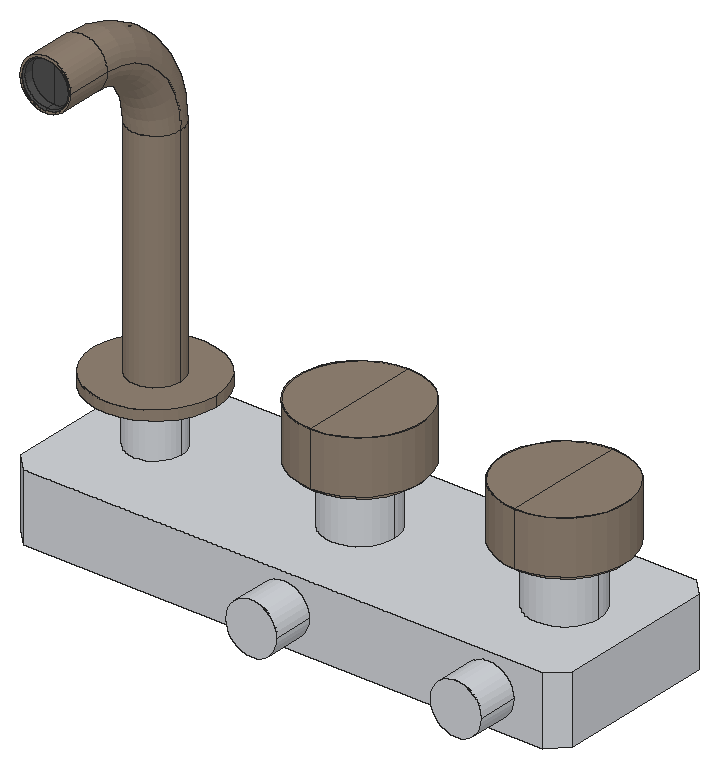
Revit family "Reece_Tap_Milli_Pure_Basin Tap Hostess System_160 mm", category Plumbing Fixtures, host Face, Revit 2018
Family settings
  Host = Face
  Round Connector Dimension = Use Diameter
  Part Type = Normal
  Cut with Voids When Loaded = No
  Shared = Yes
  Room Calculation Point = Yes
Parameters (values of type "PVD Brushed Bronze")
  WFU = 0  # constant formula
  URL = "https://www.reece.com.au/product/-9511081"
  Type Comments = "Tap"
  Reece_Tap_Reach = 160 mm  # constant formula
  Reece_Tap_Inlet = 15 mm  # constant formula
  Reece_Product_Web Page = "https://www.reece.com.au/product/-9511081"
  Reece_Product_Type = "Tap"  # constant formula
  Reece_Product_Sub Brand = "Pure"  # constant formula
  Reece_Product_Number = "9511081"
  Reece_Product_Mount = "Wall Mounted"
  Reece_Product_Description = "Milli Pure Wall Basin Hostess System 160mm PVD Brushed Bronze (3 Star)"
  Reece_Product_Brand = "Milli"  # constant formula
  Reece_Overall_Length = 172.5 mm  # constant formula
  Reece_Material_Main = Reece_PVD_Brushed Bronze
  Reece_Detail_Tap_Handle Texture = ""
  Reece_Detail_Installation = ""
  Reece_Detail_Disclaimer = "THIS FILE IS THE PROPERTY OF THE REECE GROUP. IT MAY NOT BE REPRODUCED, REVERSE-ENGINEERED OR MODIFIED. ANY REPUBLICATION, TRANSMISSION OR DISTRIBUTION FOR THE PURPOSE OF COMMERCIALLY EXPLOITING THE FILES IS PROHIBITED."  # constant formula
  Reece_Detail_Connector = ""
  Reece_Detail_Additional = "Basin Tap Hostess System\r\n"  # constant formula
  Model = "Pure"
  Manufacturer = "Milli"
  Keynote = "Product #9511081, Reece_Tap_Milli_Pure_Basin Tap Hostess System_160 mm - PVD Brushed Bronze"
  HWFU = 0  # constant formula
  Disclaimer = "THIS FILE IS THE PROPERTY OF THE REECE GROUP. IT MAY NOT BE REPRODUCED, REVERSE-ENGINEERED OR MODIFIED. ANY REPUBLICATION, TRANSMISSION OR DISTRIBUTION FOR THE PURPOSE OF COMMERCIALLY EXPLOITING THE FILES IS PROHIBITED."  # constant formula
  Description = "Milli Pure Wall Basin Hostess System 160mm PVD Brushed Bronze (3 Star)"
  Default Elevation = 1000 mm
  CWFU = 0  # constant formula
Types (5, lengths in mm): name | URL | Reece_Product_Web Page | Reece_Product_Number | Reece_Product_Description | Reece_Material_Main | Keynote | Description
  Brushed Gunmetal | "https://www.reece.com.au/product/-2281296" | "https://www.reece.com.au/product/-2281296" | "2281296" | "Milli Pure Wall Basin Hostess System 160mm Right Hand Brushed Gunmetal (3 Star)" | Reece_Brass_Brushed Gunmetal | "Product #2281296, Reece_Tap_Milli_Pure_Basin Tap Hostess System_160 mm - Brushed Gunmetal" | "Milli Pure Wall Basin Hostess System 160mm Brushed Gunmetal (3 Star)"
  Chrome | "https://www.reece.com.au/product/-2263275" | "https://www.reece.com.au/product/-2263275" | "2263275" | "Milli Pure Wall Basin Hostess System 160mm Right Hand Chrome (3 Star)" | Reece_Brass_Chrome | "Product #2263275, Reece_Tap_Milli_Pure_Basin Tap Hostess System_160 mm - Chrome" | "Milli Pure Wall Basin Hostess System 160mm Chrome (3 Star)"
  Matte Black | "https://www.reece.com.au/product/-2281218" | "https://www.reece.com.au/product/-2281218" | "2281218" | "Milli Pure Wall Basin Hostess System 160mm Right Hand Matte Black (3 Star)" | Reece_Brass_Matte Black | "Product #2281218, Reece_Tap_Milli_Pure_Basin Tap Hostess System_160 mm - Matte Black" | "Milli Pure Wall Basin Hostess System 160mm Matte Black (3 Star)"
  PVD Brushed Bronze | "https://www.reece.com.au/product/-9511081" | "https://www.reece.com.au/product/-9511081" | "9511081" | "Milli Pure Wall Basin Hostess System 160mm PVD Brushed Bronze (3 Star)" | Reece_PVD_Brushed Bronze | "Product #9511081, Reece_Tap_Milli_Pure_Basin Tap Hostess System_160 mm - PVD Brushed Bronze" | "Milli Pure Wall Basin Hostess System 160mm PVD Brushed Bronze (3 Star)"
  PVD Brushed Gold | "https://www.reece.com.au/product/-9510896" | "https://www.reece.com.au/product/-9510896" | "9510896" | "Milli Pure Wall Basin Hostess System 160mm PVD Brushed Gold (3 Star)" | Reece_PVD_Brushed Gold | "Product #9510896, Reece_Tap_Milli_Pure_Basin Tap Hostess System_160 mm - PVD Brushed Gold" | "Milli Pure Wall Basin Hostess System 160mm PVD Brushed Gold (3 Star)"
Reference planes
  plane 1 "Center (Front/Back)": y = 0
  plane 2 "Bottom": z = 0
  plane 3 "Center (Left/Right)": x = 0
  plane 4 "Top": z = 172.5
  plane 5: z = 160
  plane 6: y = -67
  plane 7: x = -100
  plane 8: x = 100
Forms (mm)
  Extrusion 1, solid, material "Reece_PVD_Brushed Bronze" <- "Reece_Material_Main"
    sketch origin (-50, 0, 0) x (1, 0, 0) y (0, 1, 0)
      loop
        circle (-50, 0) r 30
    from 0 to 5
  Sweep 2, solid, material "Reece_PVD_Brushed Bronze" <- "Reece_Material_Main"
    path origin (0, 0, 0) x (0, 1, 0) y (0, 0, 1)
      loop
        line (-67, 160) -> (-45, 160)
        arc (-45, 160) -> (-13.18, 146.82) -> (0, 115) r 45
        line (0, 115) -> (0, 0)
    profile origin (0, 0, 57.5) x (1, 0, 0) y (0, 1, 0)
      loop
        circle (-100, 0) r 12.5
      loop
        circle (-100, 0) r 11.5
  Revolve 3, solid, material "Reece_Brass_Matte Black"
    sketch origin (-100, -183.21, 28.488) x (0, 0.572951, -0.81959) y (0, 0.81959, 0.572951)
      loop
        line (-38.39, 174.619) -> (-37.119, 176.437) -> (-46.38, 182.911) -> (-50.465, 177.068) -> (-49.461, 177.508) -> (-47.184, 180.766) -> (-38.39, 174.619)
      axis (-37.119, 176.437) -> (-41.203, 170.594)
    angle from 0 to 360
  Extrusion 4, solid
    sketch origin (0, 0, 0) x (1, 0, 0) y (0, 1, 0)
      loop
        line (-126.853, 46.5) -> (-135, 38.353) -> (-135, -38.353) -> (-126.853, -46.5) -> (126.853, -46.5) -> (135, -38.353) -> (135, 38.353) -> (126.853, 46.5) -> (-126.853, 46.5)
    from -60 to -27
  Extrusion 5, solid
    sketch origin (50, 0, -3.5) x (-1, 0, 0) y (0, 0, 1)
      loop
        circle (50, -40) r 12.5
    from -66.119 to -46.5
  Extrusion 6, solid
    sketch origin (150, 0, -3.5) x (-1, 0, 0) y (0, 0, 1)
      loop
        circle (50, -40) r 12.5
    from -66.119 to -46.5
  Extrusion 7, void
    sketch origin (-150, 0, 0) x (1, 0, 0) y (0, 1, 0)
      loop
        circle (50, 0) r 17
    from 0 to -27
  Extrusion 8, void
    sketch origin (50, 0, 0) x (-1, 0, 0) y (0, -1, 0)
      loop
        circle (50, 0) r 20
    from 0 to -27
  Extrusion 9, void
    sketch origin (150, 0, 0) x (-1, 0, 0) y (0, -1, 0)
      loop
        circle (50, 0) r 20
    from 0 to -27
  Extrusion 10, solid
    sketch origin (-50, 0, 0) x (1, 0, 0) y (0, 1, 0)
      loop
        circle (50, 0) r 17
    from 0 to -27
  Extrusion 11, solid
    sketch origin (-150, 0, 0) x (1, 0, 0) y (0, 1, 0)
      loop
        circle (50, 0) r 13
    from 0 to -27
  Extrusion 12, solid
    sketch origin (50, 0, 0) x (1, 0, 0) y (0, 1, 0)
      loop
        circle (50, 0) r 17
    from 0 to -27
Cuts and joins
  Extrusion 7 cuts Extrusion 1
  Extrusion 7 cuts Sweep 2
  joined: Extrusion 1, Sweep 2
  Extrusion 7, Extrusion 8, Extrusion 9 cuts Extrusion 4
  Extrusion 7, Extrusion 8, Extrusion 9 cuts Extrusion 5
  Extrusion 7, Extrusion 8, Extrusion 9 cuts Extrusion 6
  joined: Extrusion 4, Extrusion 5, Extrusion 6, Extrusion 10, Extrusion 11, Extrusion 12
Text (mm)
  text "Reece Copyright © 2018, Reece Ltd." at (-1403.988, -1192.393, 0), in view "Ref. Level"
  text "Reece ©" at (7.559, 166.241, 136.461), in view "Reece Preview"
Dimensions and locks
  "Reece_Tap_Reach": plane 5 to plane 2 "Bottom"
  plane 1 "Center (Front/Back)" to plane 6 = 67 mm
  locked: plane 4 "Top" to plane 5 at 12.5
  "Reece_Overall_Length": plane 4 "Top" to plane 2 "Bottom"
  plane 7 to plane 3 "Center (Left/Right)" = 100 mm
  aligned and locked: plane 2 "Bottom" to host face
  aligned and locked: level to host face
  aligned and locked: plane 5 to Sweep 2 sketch curve
  aligned and locked: plane 6 to Sweep 2 sketch curve
Automatic sketch dimensions
  host sketch curve to host sketch curve = 380.785 mm
  host sketch curve to host sketch curve = 317.421 mm
  plane 1 "Center (Front/Back)" to Extrusion 1 sketch curve = 0 mm
  Extrusion 1 sketch curve to plane 7 = 0 mm
  level to Sweep 2 sketch curve = 0 mm
  Sweep 2 sketch curve to plane 1 "Center (Front/Back)" = 0 mm
  Sweep 2 sketch curve to plane 6 = 22 mm
  Sweep 2 sketch curve to Sweep 2 sketch curve = 0 mm  (x2)
  profile plane to Sweep 2 sketch curve = 0 mm
  Sweep 2 sketch curve to plane 3 "Center (Left/Right)" = 100 mm
  Revolve 3 sketch curve to plane 5 = 0 mm  (x4)
  Revolve 3 sketch curve to plane 6 = 0 mm
  Revolve 3 sketch curve to plane 4 "Top" = 1.2 mm
  Revolve 3 sketch curve to Revolve 3 sketch curve = 1.003 mm
  Revolve 3 sketch curve to Revolve 3 sketch curve = 2.278 mm
  Revolve 3 sketch curve to Revolve 3 sketch curve = 0.803 mm
  Revolve 3 sketch curve to Revolve 3 sketch curve = 1.271 mm
  Revolve 3 sketch curve to Revolve 3 sketch curve = 17.422 mm
  Revolve 3 sketch curve to Revolve 3 sketch curve = 3.892 mm
  plane 7 to Extrusion 4 sketch curve = 35 mm
  Extrusion 4 sketch curve to Extrusion 4 sketch curve = 8.147 mm  (x6)
  plane 8 to Extrusion 4 sketch curve = 26.853 mm  (x2)
  Extrusion 4 sketch curve to plane 6 = 20.5 mm
  Extrusion 4 sketch curve to plane 1 "Center (Front/Back)" = 38.353 mm  (x2)
  Extrusion 5 sketch curve to plane 3 "Center (Left/Right)" = 0 mm
  Extrusion 5 sketch curve to level = 43.5 mm
  Extrusion 6 sketch curve to plane 8 = 0 mm
  Extrusion 6 sketch curve to level = 43.5 mm
  Extrusion 7 sketch curve to Extrusion 7 sketch curve = 0 mm  (x2)
  plane 1 "Center (Front/Back)" to Extrusion 7 sketch curve = 0 mm
  Extrusion 7 sketch curve to plane 7 = 0 mm
  Extrusion 7 sketch curve to Extrusion 7 sketch curve = 17 mm
  Extrusion 8 sketch curve to Extrusion 8 sketch curve = 0 mm  (x2)
  plane 1 "Center (Front/Back)" to Extrusion 8 sketch curve = 0 mm
  Extrusion 8 sketch curve to plane 3 "Center (Left/Right)" = 0 mm
  Extrusion 8 sketch curve to plane 3 "Center (Left/Right)" = 20 mm
  Extrusion 9 sketch curve to Extrusion 9 sketch curve = 0 mm  (x2)
  plane 1 "Center (Front/Back)" to Extrusion 9 sketch curve = 0 mm
  Extrusion 9 sketch curve to plane 8 = 0 mm
  Extrusion 9 sketch curve to plane 8 = 20 mm
  Extrusion 10 sketch curve to Extrusion 10 sketch curve = 0 mm  (x2)
  plane 1 "Center (Front/Back)" to Extrusion 10 sketch curve = 0 mm
  Extrusion 10 sketch curve to plane 3 "Center (Left/Right)" = 0 mm
  Extrusion 10 sketch curve to Extrusion 10 sketch curve = 17 mm
  Extrusion 11 sketch curve to Extrusion 11 sketch curve = 0 mm  (x2)
  plane 1 "Center (Front/Back)" to Extrusion 11 sketch curve = 0 mm
  Extrusion 11 sketch curve to plane 7 = 0 mm
  Extrusion 11 sketch curve to Extrusion 11 sketch curve = 13 mm
  Extrusion 12 sketch curve to Extrusion 12 sketch curve = 0 mm  (x2)
  plane 1 "Center (Front/Back)" to Extrusion 12 sketch curve = 0 mm
  Extrusion 12 sketch curve to plane 8 = 0 mm
  Extrusion 12 sketch curve to Extrusion 12 sketch curve = 17 mm
  radius of Extrusion 1 sketch curve = 30 mm
  radius of Sweep 2 sketch curve = 12.5 mm
  radius of Sweep 2 sketch curve = 11.5 mm
  radius of Extrusion 5 sketch curve = 12.5 mm
  radius of Extrusion 6 sketch curve = 12.5 mm
Nested families
  nested 1: "Reece_Tap_Milli_Pure_Cap_Main_2D" at (0, 0, 0), Reece_Material_Main <- "Reece_Material_Main", Reece_Material_Secondary <- "Reece_Material_Main", type "60mm x 28mm"
    with Reece_Material_Secondary Reece_PVD_Brushed Bronze, Reece_Material_Main Reece_PVD_Brushed Bronze
  nested 2: "Reece_Tap_Milli_Pure_Cap_Main_2D" at (100, 0, 0), Reece_Material_Main <- "Reece_Material_Main", Reece_Material_Secondary <- "Reece_Material_Main", type "60mm x 28mm"
    with Reece_Material_Secondary Reece_PVD_Brushed Bronze, Reece_Material_Main Reece_PVD_Brushed Bronze
Connectors
  piping at (0, -66.119, -43.5), diameter 15, driven by "Reece_Tap_Inlet"
    settings: on cut or joined group 1 (Extrusion 4, Extrusion 5, Extrusion 6, Extrusion 7, Extrusion 8, Extrusion 9, Extrusion 10, Extrusion 11, Extrusion 12), index 1, connector inside diameter 609.6 mm, connector length 0 mm, flow factor 0, pipe flow 0.0 L/s, pressure drop 0.0 Pa, fitting loss kfactor 0, connector angle 0.00°, fixture units 0, engagement length 0 mm, angle of deflection 0.00°, flow configuration 0, flow direction 1, fitting loss method 0, system type 29, joint type 0, gender type 0, connector reference index -1, connector utility 0, adjustable connector no, is connector primary yes, connector description ""
  piping at (100, -66.119, -43.5), diameter 15, driven by "Reece_Tap_Inlet"
    settings: on cut or joined group 1, index 2, connector inside diameter 609.6 mm, connector length 0 mm, flow factor 0, pipe flow 0.0 L/s, pressure drop 0.0 Pa, fitting loss kfactor 0, connector angle 0.00°, fixture units 0, engagement length 0 mm, angle of deflection 0.00°, flow configuration 0, flow direction 1, fitting loss method 0, system type 29, joint type 0, gender type 0, connector reference index -1, connector utility 0, adjustable connector no, is connector primary no, connector description ""
Definition of nested family "Reece_Tap_Milli_Pure_Cap_Main_2D"
  Parameters (values of type "62mm x 30mm")
    WFU = 0  # constant formula
    Reece_Overall_Width = 62 mm
    Reece_Overall_Height = 30 mm
    Reece_Material_Secondary [instance] = none
    Reece_Material_Main [instance] = none
    Reece_Detail_Installation = ""
    Reece_Detail_Connector = ""
    Reece_Detail_Additional = ""
    HWFU = 0  # constant formula
    Default Elevation = 1000 mm
    CWFU = 0  # constant formula
  Types (4, lengths in mm): name | Reece_Overall_Width | Reece_Overall_Height
    62mm x 30mm | 62 | 30
    60mm x 28mm | 60 | 28
    54mm x 30mm | 54 | 30
    60mm x 26mm | 60 | 26
  Reference planes
    plane 1 "Center (Front/Back)": y = 0
    plane 2 "Bottom": z = 0
    plane 3 "Center (Left/Right)": x = 0
    plane 4: y = -31
    plane 5: y = 31
    plane 6: z = 30
    plane 7: y = -29
    plane 8: y = 29
    plane 9: z = 16
    plane 10: z = 2
  Forms (mm)
    Extrusion 1, solid
      sketch origin (619.2, -619.2, 0) x (1, 0, 0) y (0, 1, 0)
        loop
          line (-809.2, 779.2) -> (-809.2, 461.779) -> (-428.415, 461.779) -> (-428.415, 779.2) -> (-809.2, 779.2)
      from 0 to -9.564
    Revolve 2, solid, material <- "Reece_Material_Secondary"
      sketch origin (0, 50, 0) x (0, -1, 0) y (0, 0, 1)
        loop
          line (50, 0) -> (79, 0) -> (79, 2) -> (81, 2) -> (81, 30) -> (79, 28) -> (50, 28) -> (50, 0)
        axis (50, 0) -> (50, 30)
      angle from 0 to 360
    Revolve 3, solid, material <- "Reece_Material_Main"
      sketch origin (0, 50, 0) x (0, -1, 0) y (0, 0, 1)
        loop
          line (81, 30) -> (50, 30) -> (50, 28) -> (79, 28) -> (81, 30)
        axis (50, 28) -> (50, 30)
      angle from 0 to 360
  Text (mm)
    text "Reece Copyright © 2018, Reece Ltd." at (-1403.988, -1192.393, 0), in view "Ref. Level"
    text "Reece ©" at (44.384, 258.95, 192.345), in view "Reece Preview"
  Dimensions and locks
    equal spacing: plane 5, plane 1 "Center (Front/Back)", plane 4
    "Reece_Overall_Width": plane 5 to plane 4
    "Reece_Overall_Height": plane 6 to plane 2 "Bottom"
    locked: plane 7 to plane 4 at 2
    locked: plane 5 to plane 8 at 2
    equal spacing: plane 6, plane 9, plane 10
    locked: plane 10 to plane 2 "Bottom" at 2
    aligned and locked: plane 2 "Bottom" to Extrusion 1
    aligned and locked: level to Extrusion 1
    aligned and locked: plane 7 to Revolve 2 sketch curve
  Automatic sketch dimensions
    Extrusion 1 sketch curve to Extrusion 1 sketch curve = 380.785 mm
    Extrusion 1 sketch curve to Extrusion 1 sketch curve = 317.421 mm
    Revolve 2 sketch curve to plane 1 "Center (Front/Back)" = 0 mm  (x2)
    Revolve 2 sketch curve to level = 0 mm
    Revolve 2 sketch curve to plane 7 = 0 mm
    Revolve 2 sketch curve to plane 4 = 0 mm
    Revolve 2 sketch curve to plane 6 = 0 mm  (x2)
    level to Revolve 2 sketch curve = 2 mm
    Revolve 2 sketch curve to plane 6 = 2 mm
    Revolve 2 sketch curve to Revolve 2 sketch curve = 10 mm
    Revolve 3 sketch curve to plane 1 "Center (Front/Back)" = 0 mm  (x2)
    Revolve 3 sketch curve to plane 7 = 0 mm
    Revolve 3 sketch curve to plane 4 = 0 mm
    Revolve 3 sketch curve to plane 6 = 0 mm  (x2)
    Revolve 3 sketch curve to plane 6 = 2 mm
    Revolve 3 sketch curve to Revolve 3 sketch curve = 10 mm
